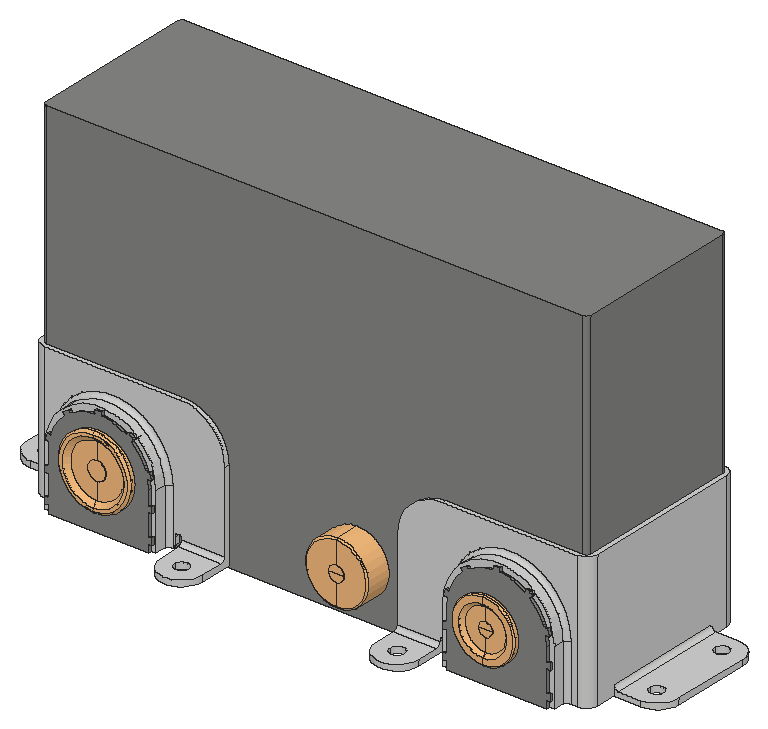
Revit family "Valve-Two_Outlet_Thermostatic-KOHLER-K-26340T", category Plumbing Fixtures, host Face, Revit 2017 (continued)
Definition of nested family "K-26340IN"
  Automatic sketch dimensions
    curve 72 to curve 43 = 0.03937"
    plane 10 to curve 54 = 0.16845"
    curve 72 to curve 54 = 7/128"
    curve 52 to curve 52 = 0.02857"
    curve 72 to curve 50 = 0.09843"
    curve 43 to curve 43 = 0.05906"
    curve 47 to curve 47 = 0.05906"
    level to curve 54 = 1.13839"
    curve 52 to curve 54 = 0.05742"
    plane 10 to curve 53 = 0.26874"
    curve 55 to curve 56 = 0.21269"
    level to curve 56 = 1.63661"
    curve 56 to curve 57 = 0.09307"
    curve 57 to curve 58 = 0.03644"
    curve 60 to plane 9 "1" = 0.04432"
    curve 74 to curve 51 = 0"
    curve 75 to curve 51 = 0"
    plane 9 "1" to curve 61 = 0.07379"
    curve 63 to curve 65 = 0.43249"
    curve 63 to curve 65 = 0.03644"
    curve 65 to curve 66 = 0.09307"
    curve 67 to curve 64 = 0.03644"
    plane 10 to curve 70 = 0.26874"
    curve 70 to curve 75 = 0.14067"
    plane 10 to curve 68 = 0.15414"
    curve 67 to curve 68 = 0.02857"
    curve 81 to curve 86 = 0.09843"
    curve 80 to curve 77 = 0"
    plane 10 to curve 69 = 0.28306"
    curve 67 to curve 69 = 0.05742"
    curve 81 to curve 83 = 0.05906"
    curve 77 to curve 79 = 0.05906"
    curve 32 to curve 87 = 0.00197"
    curve 29 to curve 28 = 0.05118"
    curve 26 to curve 26 = 0.05906"
    curve 24 to plane 14 = 0.41339"
    plane 14 to curve 25 = 0.37402"
    plane 14 to curve 201 = 0.78156"
    curve 202 to curve 198 = 0.01718"
    curve 202 to plane 3 "Center (Left/Right)" = 0.01569"
    curve 196 to plane 19 "3" = 0.34598"
    plane 18 to curve 90 = 0.37402"
    curve 92 to plane 18 = 0.37402"
    curve 88 to plane 18 = 0.41339"
    curve 91 to curve 91 = 0.05906"
    plane 10 to curve 144 = 0.00659"
    curve 144 to plane 18 = 0.54134"
    curve 144 to curve 94 = 0.00197"
    plane 10 to curve 143 = 0.00264"
    curve 131 to curve 143 = 0.07874"
    curve 132 to curve 141 = 0.03937"
    curve 143 to curve 135 = 0.03937"
    plane 10 to curve 125 = 0.16845"
    curve 132 to curve 125 = 7/128"
    plane 10 to curve 126 = 0.28306"
    curve 125 to curve 126 = 0.02857"
    curve 135 to curve 135 = 0.05906"
    curve 140 to curve 141 = 0.05906"
    curve 139 to curve 139 = 0.05906"
    level to curve 125 = 1.13839"
    plane 10 to curve 127 = 0.26874"
    plane 8 "2" to curve 121 = 0.44389"
    curve 121 to curve 123 = 0.03644"
    curve 121 to curve 121 = 0.09307"
    curve 121 to curve 122 = 0.03644"
    curve 118 to plane 8 "2" = 0.11811"
    curve 132 to curve 108 = 0"
    curve 131 to curve 132 = 0"
    curve 118 to curve 118 = 0.11811"
    curve 116 to curve 115 = 0.43249"
    curve 116 to curve 114 = 0.03644"
    curve 115 to curve 113 = 0.09307"
    curve 113 to curve 114 = 0.03644"
    plane 10 to curve 110 = 0.26874"
    curve 110 to curve 132 = 0.14067"
    plane 10 to curve 111 = 0.15414"
    curve 110 to curve 111 = 0.02857"
    curve 100 to curve 129 = 0.09843"
    curve 102 to curve 99 = 0"
    curve 110 to curve 110 = 0.05742"
    plane 10 to curve 109 = 0.16845"
    curve 103 to curve 105 = 0.05906"
    curve 102 to curve 101 = 0.05906"
    level to curve 25 = 0.01969"
    level to curve 90 = 0.01969"
    level to curve 97 = 0.01969"
    level to curve 32 = 0.01969"
    curve 86 to curve 79 = 0.11811"
    curve 97 to curve 135 = 0.11811"
    curve 99 to curve 100 = 0.1378"
    curve 42 to curve 42 = 0.1378"
    curve 28 to curve 28 = 0.14564"
    curve 93 to curve 93 = 0.14564"
    curve 77 to curve 81 = 0.11811"
    curve 42 to curve 46 = 0.11811"
    curve 135 to curve 137 = 0.11811"
    curve 99 to curve 102 = 0.11811"
    plane 11 "A" to curve 104 = 0.25591"
    plane 11 "A" to curve 139 = 0.25591"
    plane 11 "A" to curve 46 = 0.25591"
    plane 11 "A" to curve 83 = 0.25591"
    curve 46 to curve 49 = 0.11811"
    curve 103 to curve 106 = 0.11811"
    curve 138 to curve 141 = 0.11811"
    curve 82 to curve 83 = 0.11811"
    plane 10 to curve 90 = 0.61024"
    plane 10 to curve 25 = 0.61024"
    curve 123 to curve 121 = 0.04664"
    curve 113 to curve 113 = 0.04664"
    curve 55 to curve 57 = 0.04664"
    curve 66 to curve 64 = 0.04664"
    curve 63 to curve 62 = 0.05918"
    curve 120 to curve 119 = 0.05918"
    curve 89 to curve 201 = 0.84371"
    curve 200 to curve 202 = 0.38428"
    curve 201 to curve 199 = 0.47517"
    curve 202 to curve 198 = 0.47517"
    curve 196 to curve 199 = 1.1811"
    curve 197 to curve 196 = 1.1811"
    level to curve 33 = 0.01969"
    curve 33 to curve 76 = 0.32315"
    curve 153 to plane 21 = 0.09843"
    plane 3 "Center (Left/Right)" to curve 200 = 0.00149"
    curve 153 to plane 20 = 0.09843"
    level to curve 98 = 0.01969"
    curve 133 to curve 98 = 0.32315"
    curve 96 to curve 91 = 0.09839"
    curve 25 to curve 31 = 0.09843"
    level to curve 152 = 0.33465"
    level to curve 206 = 0.33465"
    level to curve 38 = 0.34445"
    curve 145 to curve 151 = 0.01969"
    curve 206 to curve 207 = 0.02833"
    curve 37 to curve 39 = 0.03942"
    curve 39 to curve 40 = 0.05704"
    curve 146 to curve 147 = 0.11308"
    curve 35 to curve 41 = 0.07881"
    curve 147 to curve 148 = 0.05913"
    curve 153 to plane 7 = 0.37402"
    plane 16 to Extrusion 1 sketch curve = 0"
    Extrusion 1 sketch curve to plane 17 = 0"
    Extrusion 1 sketch curve to plane 21 = 0.09843"
    Extrusion 1 sketch curve to Extrusion 1 sketch curve = 0.07874"  (x3)
    plane 16 to Extrusion 1 sketch curve = 0.07874"
    Extrusion 1 sketch curve to plane 20 = 0.17717"
    plane 21 to Extrusion 2 sketch curve = 0"
    Extrusion 2 sketch curve to plane 20 = 0"
    level to Extrusion 2 sketch curve = 0.01969"  (x4)
    Extrusion 2 sketch curve to plane 14 = 0.54331"
    Extrusion 2 sketch curve to Extrusion 2 sketch curve = 0.05118"  (x2)
    Extrusion 2 sketch curve to Extrusion 2 sketch curve = 0.05906"  (x2)
    Extrusion 2 sketch curve to plane 14 = 0.41339"
    plane 14 to Extrusion 2 sketch curve = 0.37402"
    plane 18 to Extrusion 2 sketch curve = 0.37402"
    Extrusion 2 sketch curve to plane 18 = 0.37402"
    Extrusion 2 sketch curve to plane 18 = 0.41339"
    Extrusion 2 sketch curve to Extrusion 2 sketch curve = 0.14564"  (x2)
    plane 10 to Extrusion 2 sketch curve = 0.61024"  (x2)
    Sweep 3 sketch curve to profile plane = 0"  (x2)
    Sweep 3 sketch curve to profile plane = 0.19685"
    Sweep 4 sketch curve to profile plane = 0"  (x2)
    Sweep 4 sketch curve to profile plane = 0.19685"
    profile plane to Sweep 5 sketch curve = 0"
    Sweep 5 sketch curve to profile plane = 0"
    Sweep 5 sketch curve to profile plane = 0.19685"
    profile plane to Sweep 6 sketch curve = 0"
    Sweep 6 sketch curve to profile plane = 0"
    Sweep 6 sketch curve to profile plane = 0.19685"
    Extrusion 7 sketch curve to Extrusion 7 sketch curve = 0"  (x12)
    Extrusion 7 sketch curve to plane 4 = 0"
    Extrusion 7 sketch curve to plane 21 = 0"
    Extrusion 7 sketch curve to plane 14 = 0"  (x2)
    Extrusion 7 sketch curve to plane 18 = 0"  (x2)
    Extrusion 7 sketch curve to plane 20 = 0"
    Extrusion 7 sketch curve to plane 15 = 0"
    plane 4 to Extrusion 7 sketch curve = 0.37402"  (x2)
    Extrusion 7 sketch curve to plane 16 = 0.07874"  (x2)
    Extrusion 7 sketch curve to plane 14 = 0.37401"  (x2)
    Extrusion 7 sketch curve to plane 17 = 0.07874"  (x2)
    plane 18 to Extrusion 7 sketch curve = 0.37401"  (x2)
    plane 15 to Extrusion 7 sketch curve = 0.37402"  (x2)
    plane 13 to Extrusion 7 sketch curve = 0.07874"  (x2)
    plane 17 to Extrusion 7 sketch curve = 0.45276"  (x2)
    Extrusion 7 sketch curve to Extrusion 7 sketch curve = 0.01969"  (x4)
    Extrusion 7 sketch curve to plane 1 "Center (Front/Back)" = 0.68898"  (x2)
    plane 12 to Extrusion 7 sketch curve = 0.07874"  (x2)
    level to Extrusion 8 sketch curve = 0.01969"  (x2)
    Extrusion 8 sketch curve to plane 21 = 0.40354"
    plane 10 to Extrusion 8 sketch curve = 0.00264"
    plane 9 "1" to Extrusion 8 sketch curve = 0.01473"
    plane 10 to Extrusion 8 sketch curve = 0.00659"
    Extrusion 8 sketch curve to plane 18 = 0.62008"
    Extrusion 8 sketch curve to plane 8 "2" = 0.17717"
    Extrusion 9 sketch curve to Extrusion 9 sketch curve = 0"  (x66)
    Extrusion 9 sketch curve to level = 0"  (x2)
    Extrusion 9 sketch curve to plane 10 = 0"  (x3)
    Extrusion 9 sketch curve to plane 9 "1" = 0"
    plane 8 "2" to Extrusion 9 sketch curve = 0"
    Extrusion 9 sketch curve to plane 11 "A" = 0"
    Extrusion 9 sketch curve to plane 9 "1" = 0.04432"
    Extrusion 9 sketch curve to Extrusion 9 sketch curve = 0.43249"  (x3)
    Extrusion 9 sketch curve to Extrusion 9 sketch curve = 0.03644"  (x8)
    Extrusion 9 sketch curve to Extrusion 9 sketch curve = 0.09307"  (x4)
    plane 10 to Extrusion 9 sketch curve = 0.26874"  (x4)
    Extrusion 9 sketch curve to Extrusion 9 sketch curve = 0.24912"  (x3)
    plane 10 to Extrusion 9 sketch curve = 0.15414"  (x3)
    Extrusion 9 sketch curve to Extrusion 9 sketch curve = 0.02857"  (x4)
    Extrusion 9 sketch curve to plane 21 = 0.50197"
    Extrusion 9 sketch curve to Extrusion 9 sketch curve = 0.05742"  (x3)
    plane 10 to Extrusion 9 sketch curve = 0.16845"  (x3)
    Extrusion 9 sketch curve to Extrusion 9 sketch curve = 0.05906"  (x9)
    plane 9 "1" to Extrusion 9 sketch curve = 0.07379"
    Extrusion 9 sketch curve to plane 14 = 0.7185"
    plane 10 to Extrusion 9 sketch curve = 0.28306"  (x2)
    plane 11 "A" to Extrusion 9 sketch curve = 0.1378"
    Extrusion 9 sketch curve to plane 18 = 0.65945"
    Extrusion 9 sketch curve to Extrusion 9 sketch curve = 0.0153"
    level to Extrusion 9 sketch curve = 1.13839"
    plane 8 "2" to Extrusion 9 sketch curve = 0.44389"
    Extrusion 9 sketch curve to plane 8 "2" = 0.11811"
    Extrusion 9 sketch curve to Extrusion 9 sketch curve = 0.11811"  (x9)
    Extrusion 9 sketch curve to Extrusion 9 sketch curve = 0.1378"  (x3)
    level to Extrusion 9 sketch curve = 0.1378"
    plane 11 "A" to Extrusion 9 sketch curve = 0.25591"  (x3)
    Extrusion 9 sketch curve to Extrusion 9 sketch curve = 0.04664"  (x4)
    Extrusion 9 sketch curve to Extrusion 9 sketch curve = 0.05918"  (x2)
    Revolve 10 sketch curve to plane 10 = 0"  (x3)
    Revolve 10 sketch curve to plane 13 = 0"
    Revolve 10 sketch curve to plane 12 = 0"
    Revolve 10 sketch curve to plane 16 = 0"
    Revolve 10 sketch curve to plane 17 = 0"
    Revolve 10 sketch curve to plane 12 = 0.07881"
    plane 10 to Revolve 10 sketch curve = 0.46454"  (x2)
    Revolve 10 sketch curve to plane 13 = 0.07881"
    Revolve 10 sketch curve to Revolve 10 sketch curve = 0.07881"  (x2)
    Revolve 10 sketch curve to Revolve 10 sketch curve = 0.05704"  (x2)
    Revolve 10 sketch curve to Revolve 10 sketch curve = 0.03942"
    Revolve 10 sketch curve to Revolve 10 sketch curve = 0.17527"
    Revolve 10 sketch curve to plane 12 = 0.03942"
    Revolve 10 sketch curve to plane 13 = 0.03942"
    plane 5 to Revolve 10 sketch curve = 0.19685"
    Revolve 10 sketch curve to Revolve 10 sketch curve = 0.07874"
    plane 11 "A" to Revolve 11 sketch curve = 0"  (x3)
    Revolve 11 sketch curve to plane 13 = 0.07881"
    plane 10 to Revolve 11 sketch curve = 0.26086"  (x2)
    Revolve 11 sketch curve to plane 12 = 0.07881"
    Revolve 11 sketch curve to plane 12 = 0.01969"
    Revolve 11 sketch curve to Revolve 11 sketch curve = 0.05913"  (x2)
    Revolve 11 sketch curve to plane 13 = 0.01969"
    Revolve 11 sketch curve to Revolve 11 sketch curve = 0.11308"  (x2)
    Revolve 11 sketch curve to plane 13 = 0.04488"
    Revolve 11 sketch curve to Revolve 11 sketch curve = 0.01969"  (x2)
    Revolve 11 sketch curve to Revolve 11 sketch curve = 0.0252"
    Revolve 11 sketch curve to plane 16 = 0.09843"
    Revolve 11 sketch curve to plane 17 = 0.09843"
    plane 5 to Revolve 11 sketch curve = 0.32325"
    Revolve 11 sketch curve to plane 6 = 0.16487"
    profile plane to Sweep 12 sketch curve = 0"
    Sweep 12 sketch curve to profile plane = 0"
    Sweep 12 sketch curve to Sweep 12 sketch curve = 0.07874"
    Sweep 13 sketch curve to profile plane = 0"
    profile plane to Sweep 13 sketch curve = 0"
    profile plane to Sweep 13 sketch curve = 0.07874"
    profile plane to Sweep 14 sketch curve = 0"
    Sweep 14 sketch curve to profile plane = 0"
    Sweep 14 sketch curve to Sweep 14 sketch curve = 0.07874"
    Extrusion 15 sketch curve to plane 9 "1" = 0.16243"
    Extrusion 15 sketch curve to Extrusion 15 sketch curve = 0.07874"  (x2)
    level to Extrusion 15 sketch curve = 0.11811"  (x2)
    Extrusion 15 sketch curve to plane 8 "2" = 0.27559"
    Extrusion 16 sketch curve to plane 17 = 0.15748"
    Extrusion 16 sketch curve to Extrusion 16 sketch curve = 0.07874"  (x2)
    Extrusion 16 sketch curve to plane 16 = 0.07874"
    level to Extrusion 16 sketch curve = 0.11811"  (x2)
    Extrusion 17 sketch curve to plane 17 = 0.15748"
    Extrusion 17 sketch curve to Extrusion 17 sketch curve = 0.07874"  (x2)
    Extrusion 17 sketch curve to plane 16 = 0.07874"
    level to Extrusion 17 sketch curve = 0.11811"  (x2)
    Masking region 1 sketch curve to plane 21 = 0"
    Masking region 1 sketch curve to plane 20 = 0"
    Masking region 1 sketch curve to plane 21 = 0.19685"  (x2)
    Masking region 1 sketch curve to plane 17 = 0.07874"
    plane 16 to Masking region 1 sketch curve = 0.11811"  (x2)
    Masking region 1 sketch curve to Masking region 1 sketch curve = 4.65551"  (x2)
    Masking region 2 sketch curve to plane 4 = 0"
    plane 21 to Masking region 2 sketch curve = 0"
    Masking region 2 sketch curve to level = 0"
    Masking region 2 sketch curve to plane 7 = 0"
    Masking region 2 sketch curve to plane 20 = 0"
    plane 15 to Masking region 2 sketch curve = 0"
    plane 21 to Masking region 2 sketch curve = 0.07874"
    level to Masking region 2 sketch curve = 0.01969"  (x2)
    Masking region 2 sketch curve to plane 21 = 0.0723"
    Masking region 2 sketch curve to Masking region 2 sketch curve = 0.02612"  (x2)
    Masking region 2 sketch curve to plane 21 = 0.09843"
    Masking region 2 sketch curve to plane 20 = 0.09843"  (x2)
    plane 20 to Masking region 2 sketch curve = 0.07874"
    Masking region 2 sketch curve to Masking region 2 sketch curve = 0.09843"
    level to Masking region 2 sketch curve = 0.11811"
    plane 10 to Masking region 2 sketch curve = 1.39764"  (x2)
    Masking region 3 sketch curve to plane 7 = 0"
    Masking region 3 sketch curve to plane 16 = 0"
    Masking region 3 sketch curve to plane 17 = 0"
    Masking region 3 sketch curve to plane 12 = 0"
    Masking region 3 sketch curve to plane 13 = 0"
    Masking region 3 sketch curve to plane 5 = 0"
    Masking region 3 sketch curve to plane 6 = 0"
    Masking region 3 sketch curve to level = 0"
    Masking region 3 sketch curve to plane 16 = 0.07874"
    plane 10 to Masking region 3 sketch curve = 1.39764"  (x2)
    Masking region 3 sketch curve to Masking region 3 sketch curve = 0.33789"  (x2)
    Masking region 3 sketch curve to plane 17 = 0.07874"
    Masking region 3 sketch curve to Masking region 3 sketch curve = 0.07874"  (x3)
    Masking region 3 sketch curve to Masking region 3 sketch curve = 0.04783"  (x2)
    Masking region 3 sketch curve to plane 12 = 0.05906"
    Masking region 3 sketch curve to Masking region 3 sketch curve = 0.27373"
    Masking region 3 sketch curve to plane 13 = 0.09843"
    Masking region 3 sketch curve to Masking region 3 sketch curve = 0.29337"
    Masking region 3 sketch curve to Masking region 3 sketch curve = 0.05906"
    Masking region 3 sketch curve to Masking region 3 sketch curve = 0.03942"
    level to Masking region 3 sketch curve = 0.38387"  (x2)
    Masking region 3 sketch curve to plane 12 = 0.01969"
    Masking region 3 sketch curve to Masking region 3 sketch curve = 0.02954"
    Masking region 3 sketch curve to plane 13 = 0.04488"
    Masking region 3 sketch curve to Masking region 3 sketch curve = 0.04922"
    Masking region 3 sketch curve to Masking region 3 sketch curve = 0.03076"
    Masking region 3 sketch curve to Masking region 3 sketch curve = 0.11811"
    level to Masking region 3 sketch curve = 0.11811"
    level to Masking region 3 sketch curve = 0.01969"  (x2)
    Masking region 3 sketch curve to plane 12 = 0.03293"
    Masking region 3 sketch curve to Masking region 3 sketch curve = 0.02612"  (x2)
    Masking region 3 sketch curve to Masking region 3 sketch curve = 0.03937"  (x2)
    Masking region 3 sketch curve to Masking region 3 sketch curve = 0.05354"
    Masking region 3 sketch curve to plane 13 = 0.05906"
    Masking region 3 sketch curve to plane 13 = 0.03942"
    curve 175 to plane 17 = 0"
    curve 175 to plane 16 = 0"
    curve 193 to plane 13 = 0"
    curve 174 to plane 12 = 0"
    curve 180 to plane 1 "Center (Front/Back)" = 0"
    curve 179 to level = 0"
    curve 181 to level = 0"
    curve 160 to level = 0"
    curve 162 to level = 0"
    curve 162 to plane 16 = 0"
    curve 181 to plane 17 = 0"
    level to curve 161 = 0.01969"
    curve 210 to curve 210 = 0.1381"
    curve 157 to curve 157 = 0.13977"
    curve 193 to plane 13 = 0.03942"
    curve 193 to curve 178 = 0.32476"
    curve 154 to plane 16 = 0.07874"
    plane 10 to curve 154 = 1.39764"
    curve 159 to plane 12 = 0.1378"
    plane 16 to curve 210 = 0.32889"
    curve 210 to curve 211 = 0.06193"
    plane 17 to curve 157 = 0.45276"
    curve 157 to curve 213 = 0.06314"
    curve 177 to plane 17 = 0.07874"
    curve 178 to plane 13 = 0.1378"
    level to curve 176 = 0.01969"
    curve 194 to curve 179 = 0.01969"
    curve 157 to curve 156 = 0.04134"
    curve 163 to curve 159 = 0.11811"
    curve 182 to curve 194 = 0.11811"
    curve 195 to curve 183 = 0.08854"
    curve 164 to plane 12 = 0.05906"
    curve 164 to curve 163 = 0.11811"
    curve 173 to plane 12 = 0.03942"
    curve 173 to curve 164 = 0.083"
    curve 174 to curve 173 = 0.00554"
    curve 174 to curve 174 = 0.03942"
    curve 193 to curve 192 = 0.03942"
    curve 184 to plane 13 = 0.09843"
    plane 11 "A" to curve 184 = 0.25591"
    curve 165 to curve 174 = 0.24605"
    curve 166 to curve 165 = 0.11811"
    curve 185 to curve 184 = 0.11811"
    plane 10 to curve 186 = 0.15414"
    plane 10 to curve 167 = 0.15414"
    curve 187 to curve 186 = 0.01432"
    curve 168 to curve 167 = 0.01432"
    curve 169 to curve 168 = 0.1146"
    curve 188 to curve 187 = 0.1146"
    curve 192 to curve 188 = 0.35675"
    curve 173 to curve 169 = 0.35675"
    curve 170 to curve 173 = 0.01255"
    curve 189 to curve 192 = 0.01255"
    curve 171 to curve 170 = 0.04664"
    curve 190 to curve 189 = 0.04664"
    curve 172 to curve 171 = 0.07272"
    curve 191 to curve 190 = 0.07272"
    curve 160 to curve 172 = 0.16146"
    curve 179 to curve 191 = 0.16146"
    curve 159 to curve 160 = 0.04783"
    curve 178 to curve 179 = 0.04783"
    curve 175 to plane 7 = 0.26084"
    plane 12 to curve 176 = 0.12123"
    curve 162 to plane 16 = 0.02811"
    curve 181 to plane 17 = 0.02811"
    plane 13 to curve 194 = 0.12123"
    plane 16 to Extrusion 18 sketch curve = 0"
    Extrusion 18 sketch curve to plane 17 = 0"
    Extrusion 18 sketch curve to plane 21 = 0.09843"
    Extrusion 18 sketch curve to plane 20 = 0.09843"
    Extrusion 19 sketch curve to level = 0"  (x2)
    Extrusion 19 sketch curve to plane 21 = 0.50197"
    plane 10 to Extrusion 19 sketch curve = 0.00545"  (x2)
    plane 9 "1" to Extrusion 19 sketch curve = 0.01473"
    plane 8 "2" to Extrusion 19 sketch curve = 0.69882"
    Extrusion 19 sketch curve to plane 8 "2" = 0.17717"
    Extrusion 20 sketch curve to plane 21 = 0"
    plane 16 to Extrusion 20 sketch curve = 0"  (x2)
    Extrusion 20 sketch curve to plane 17 = 0"  (x2)
    Extrusion 20 sketch curve to plane 20 = 0"
    Extrusion 20 sketch curve to plane 21 = 0.09843"
    plane 14 to Extrusion 20 sketch curve = 0.37402"  (x2)
    Extrusion 20 sketch curve to plane 17 = 0.07874"  (x2)
    plane 18 to Extrusion 20 sketch curve = 0.37402"  (x2)
    Extrusion 20 sketch curve to plane 20 = 0.09843"
    Extrusion 20 sketch curve to plane 16 = 0.07874"
    Extrusion 20 sketch curve to Extrusion 20 sketch curve = 0.07874"
    Extrusion 21 sketch curve to Extrusion 21 sketch curve = 0"  (x16)
    Extrusion 21 sketch curve to plane 4 = 0"
    Extrusion 21 sketch curve to plane 21 = 0"
    Extrusion 21 sketch curve to plane 5 = 0"  (x2)
    plane 6 to Extrusion 21 sketch curve = 0"  (x2)
    Extrusion 21 sketch curve to plane 20 = 0"
    Extrusion 21 sketch curve to plane 15 = 0"
    plane 4 to Extrusion 21 sketch curve = 0.37402"  (x2)
    Extrusion 21 sketch curve to plane 14 = 0.37401"  (x2)
    Extrusion 21 sketch curve to plane 17 = 0.07874"  (x2)
    plane 14 to Extrusion 21 sketch curve = 0"  (x2)
    plane 14 to Extrusion 21 sketch curve = 0.37402"  (x2)
    plane 18 to Extrusion 21 sketch curve = 0.37401"  (x2)
    Extrusion 21 sketch curve to plane 18 = 0"  (x2)
    Extrusion 21 sketch curve to plane 16 = 0.07874"  (x2)
    Extrusion 21 sketch curve to plane 18 = 0.37402"  (x2)
    plane 15 to Extrusion 21 sketch curve = 0.37402"  (x2)
    plane 13 to Extrusion 21 sketch curve = 0.07874"  (x2)
    plane 17 to Extrusion 21 sketch curve = 0.45276"  (x2)
    Extrusion 21 sketch curve to Extrusion 21 sketch curve = 0.35433"  (x4)
    Extrusion 21 sketch curve to plane 1 "Center (Front/Back)" = 0.70866"  (x2)
    plane 12 to Extrusion 21 sketch curve = 0.07874"  (x2)
    Extrusion 21 sketch curve to Extrusion 21 sketch curve = 0.12598"  (x4)
    Extrusion 21 sketch curve to plane 14 = 0.12598"  (x2)
    plane 18 to Extrusion 21 sketch curve = 0.12598"  (x2)
    Extrusion 22 sketch curve to plane 9 "1" = 0"
    Extrusion 22 sketch curve to plane 10 = 0"
    Extrusion 23 sketch curve to plane 9 "1" = 0"
    plane 8 "2" to Extrusion 23 sketch curve = 0"
    Extrusion 23 sketch curve to plane 11 "A" = 0"
    Extrusion 23 sketch curve to plane 10 = 0"
    plane 21 to Extrusion 24 sketch curve = 0"
    Extrusion 24 sketch curve to plane 20 = 0"
    Extrusion 24 sketch curve to Extrusion 24 sketch curve = 0.07874"  (x2)
    level to Extrusion 24 sketch curve = 0.11811"  (x2)
    Revolve 25 sketch curve to plane 16 = 0"
    Revolve 25 sketch curve to plane 17 = 0"
    plane 11 "A" to Revolve 25 sketch curve = 0"  (x3)
    Revolve 25 sketch curve to plane 13 = 0.01969"
    plane 10 to Revolve 25 sketch curve = 0.42443"  (x2)
    Revolve 25 sketch curve to plane 12 = 0.01969"
    Revolve 25 sketch curve to Revolve 25 sketch curve = 0.02833"  (x3)
    Revolve 25 sketch curve to plane 12 = 0.04801"
    plane 5 to Revolve 25 sketch curve = 1.51581"
    plane 6 to Revolve 25 sketch curve = 0.49208"
    Sweep 26 sketch curve to profile plane = 0"
    profile plane to Sweep 26 sketch curve = 0"
    profile plane to Sweep 26 sketch curve = 0.07874"
    Extrusion 27 sketch curve to Extrusion 27 sketch curve = 0"  (x2)
    plane 19 "3" to Extrusion 27 sketch curve = 0"
    Extrusion 27 sketch curve to plane 11 "A" = 0"
    level to Extrusion 27 sketch curve = 0.33465"
    curve 214 to Revolve 28 sketch curve = 0.2697"
    Revolve 28 sketch curve to Revolve 28 sketch curve = 0.1335"
    Revolve 28 sketch curve to Revolve 28 sketch curve = 0.06371"
    Revolve 28 sketch curve to curve 214 = 0.58141"
    Revolve 29 sketch curve to curve 215 = 0.1285"
    curve 215 to Revolve 29 sketch curve = 0.11811"
    Revolve 29 sketch curve to Revolve 29 sketch curve = 0.19692"
    curve 215 to Revolve 29 sketch curve = 0.42756"
    Masking region 1 sketch curve to plane 20 = 0.19685"
    Masking region 1 sketch curve to Masking region 1 sketch curve = 1.39764"  (x2)
    curve 214 to plane 19 "3" = 0"
    curve 215 to plane 8 "2" = 0"
    radius of Extrusion 7 sketch curve = 0.12598"  (x8)
    radius of Extrusion 9 sketch curve = 0.54335"
    radius of Extrusion 9 sketch curve = 0.41841"
    radius of Extrusion 22 sketch curve = 0.15748"
    radius of Extrusion 23 sketch curve = 0.63981"
    radius of Extrusion 23 sketch curve = 0.55118"
